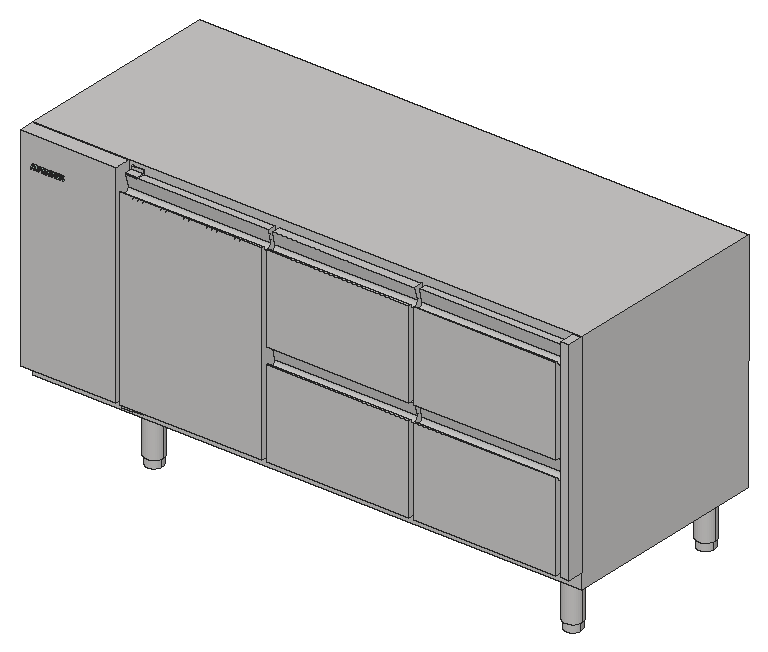
Revit family "QF_ALPENINOX_721060_AK3R7ABB", category Attrezzature speciali, Revit 2018 (continued)
Definition of nested family "HPC_APX_BI_TN_L"
  Lines and regions (mm)
    Split face 120
      outline origin (110, -951.3, 50) x (1, 0, 0) y (0, 1, 0)
        loop
          arc (-176.464, 599.474) -> (-172.464, 603.474) -> (-176.464, 607.474) r 4
          line (-176.464, 607.474) -> (-218.464, 607.474)
    Split face 121
      outline origin (220, -951.3, 50) x (1, 0, 0) y (0, 1, 0)
        loop
          arc (-273.464, 607.474) -> (-277.464, 603.474) -> (-273.464, 599.474) r 4
          line (-273.464, 599.474) -> (-231.464, 599.474)
          arc (-231.464, 599.474) -> (-227.464, 603.474) -> (-231.464, 607.474) r 4
          line (-231.464, 607.474) -> (-273.464, 607.474)
    Split face 122
      outline origin (0, -975.3, 50) x (1, 0, 0) y (0, 1, 0)
        loop
          arc (-163.464, 619.474) -> (-167.464, 615.474) -> (-163.464, 611.474) r 4
          line (-163.464, 611.474) -> (-121.464, 611.474)
          arc (-121.464, 611.474) -> (-117.464, 615.474) -> (-121.464, 619.474) r 4
          line (-121.464, 619.474) -> (-163.464, 619.474)
    Split face 123
      outline origin (330, -975.3, 50) x (1, 0, 0) y (0, 1, 0)
        loop
          arc (-328.464, 619.474) -> (-332.464, 615.474) -> (-328.464, 611.474) r 4
          line (-328.464, 611.474) -> (-286.464, 611.474)
          arc (-286.464, 611.474) -> (-282.464, 615.474) -> (-286.464, 619.474) r 4
          line (-286.464, 619.474) -> (-328.464, 619.474)
    Split face 124
      outline origin (110, -975.3, 50) x (1, 0, 0) y (0, 1, 0)
        loop
          arc (-218.464, 619.474) -> (-222.464, 615.474) -> (-218.464, 611.474) r 4
          line (-218.464, 611.474) -> (-176.464, 611.474)
          arc (-176.464, 611.474) -> (-172.464, 615.474) -> (-176.464, 619.474) r 4
          line (-176.464, 619.474) -> (-218.464, 619.474)
    Split face 125
      outline origin (220, -975.3, 50) x (1, 0, 0) y (0, 1, 0)
        loop
          arc (-273.464, 619.474) -> (-277.464, 615.474) -> (-273.464, 611.474) r 4
          line (-273.464, 611.474) -> (-231.464, 611.474)
          arc (-231.464, 611.474) -> (-227.464, 615.474) -> (-231.464, 619.474) r 4
          line (-231.464, 619.474) -> (-273.464, 619.474)
    Split face 126
      outline origin (0, -999.3, 50) x (1, 0, 0) y (0, 1, 0)
        loop
          arc (-163.464, 631.474) -> (-167.464, 627.474) -> (-163.464, 623.474) r 4
          line (-163.464, 623.474) -> (-121.464, 623.474)
          arc (-121.464, 623.474) -> (-117.464, 627.474) -> (-121.464, 631.474) r 4
          line (-121.464, 631.474) -> (-163.464, 631.474)
    Split face 127
      outline origin (330, -999.3, 50) x (1, 0, 0) y (0, 1, 0)
        loop
          arc (-328.464, 631.474) -> (-332.464, 627.474) -> (-328.464, 623.474) r 4
          line (-328.464, 623.474) -> (-286.464, 623.474)
          arc (-286.464, 623.474) -> (-282.464, 627.474) -> (-286.464, 631.474) r 4
          line (-286.464, 631.474) -> (-328.464, 631.474)
    Split face 128
      outline origin (110, -999.3, 50) x (1, 0, 0) y (0, 1, 0)
        loop
          arc (-218.464, 631.474) -> (-222.464, 627.474) -> (-218.464, 623.474) r 4
          line (-218.464, 623.474) -> (-176.464, 623.474)
          arc (-176.464, 623.474) -> (-172.464, 627.474) -> (-176.464, 631.474) r 4
          line (-176.464, 631.474) -> (-218.464, 631.474)
    Split face 129
      outline origin (220, -999.3, 50) x (1, 0, 0) y (0, 1, 0)
        loop
          arc (-273.464, 631.474) -> (-277.464, 627.474) -> (-273.464, 623.474) r 4
          line (-273.464, 623.474) -> (-231.464, 623.474)
          arc (-231.464, 623.474) -> (-227.464, 627.474) -> (-231.464, 631.474) r 4
          line (-231.464, 631.474) -> (-273.464, 631.474)
    Split face 130
      outline origin (0, -1023.3, 50) x (1, 0, 0) y (0, 1, 0)
        loop
          arc (-163.464, 643.474) -> (-167.464, 639.474) -> (-163.464, 635.474) r 4
          line (-163.464, 635.474) -> (-121.464, 635.474)
          arc (-121.464, 635.474) -> (-117.464, 639.474) -> (-121.464, 643.474) r 4
          line (-121.464, 643.474) -> (-163.464, 643.474)
    Split face 131
      outline origin (330, -1023.3, 50) x (1, 0, 0) y (0, 1, 0)
        loop
          arc (-328.464, 643.474) -> (-332.464, 639.474) -> (-328.464, 635.474) r 4
          line (-328.464, 635.474) -> (-286.464, 635.474)
          arc (-286.464, 635.474) -> (-282.464, 639.474) -> (-286.464, 643.474) r 4
          line (-286.464, 643.474) -> (-328.464, 643.474)
    Split face 132
      outline origin (110, -1023.3, 50) x (1, 0, 0) y (0, 1, 0)
        loop
          arc (-218.464, 643.474) -> (-222.464, 639.474) -> (-218.464, 635.474) r 4
          line (-218.464, 635.474) -> (-176.464, 635.474)
          arc (-176.464, 635.474) -> (-172.464, 639.474) -> (-176.464, 643.474) r 4
          line (-176.464, 643.474) -> (-218.464, 643.474)
    Split face 133
      outline origin (220, -1023.3, 50) x (1, 0, 0) y (0, 1, 0)
        loop
          arc (-273.464, 643.474) -> (-277.464, 639.474) -> (-273.464, 635.474) r 4
          line (-273.464, 635.474) -> (-231.464, 635.474)
          arc (-231.464, 635.474) -> (-227.464, 639.474) -> (-231.464, 643.474) r 4
          line (-231.464, 643.474) -> (-273.464, 643.474)
    symbolic lines
      curve 1: line (87.08, -74, 50) -> (87.08, -74, 0)
  Dimensions and locks
    equal spacing: plane 6, plane 1 "Center (Front/Back)", plane 7
    equal spacing: plane 4, plane 3 "Center (Left/Right)", plane 5
    aligned and locked: plane 2 to Extrusion 1
    aligned and locked: level to Extrusion 1
  Automatic sketch dimensions
    Split face 5 sketch curve to Split face 5 sketch curve = 42 mm
    Split face 5 sketch curve to Split face 5 sketch curve = 4 mm
    Split face 6 sketch curve to Split face 6 sketch curve = 42 mm
    Split face 6 sketch curve to Split face 6 sketch curve = 4 mm
    Split face 7 sketch curve to Split face 7 sketch curve = 42 mm
    Split face 7 sketch curve to Split face 7 sketch curve = 4 mm
    Split face 8 sketch curve to Split face 8 sketch curve = 42 mm
    Split face 8 sketch curve to Split face 8 sketch curve = 4 mm
    Split face 9 sketch curve to Split face 9 sketch curve = 42 mm
    Split face 9 sketch curve to Split face 9 sketch curve = 4 mm
    Split face 10 sketch curve to Split face 10 sketch curve = 42 mm
    Split face 10 sketch curve to Split face 10 sketch curve = 4 mm
    Split face 11 sketch curve to Split face 11 sketch curve = 42 mm
    Split face 11 sketch curve to Split face 11 sketch curve = 4 mm
    Split face 12 sketch curve to Split face 12 sketch curve = 42 mm
    Split face 12 sketch curve to Split face 12 sketch curve = 4 mm
    Split face 13 sketch curve to Split face 13 sketch curve = 42 mm
    Split face 13 sketch curve to Split face 13 sketch curve = 4 mm
    Split face 14 sketch curve to Split face 14 sketch curve = 42 mm
    Split face 14 sketch curve to Split face 14 sketch curve = 4 mm
    Split face 15 sketch curve to Split face 15 sketch curve = 42 mm
    Split face 15 sketch curve to Split face 15 sketch curve = 4 mm
    Split face 16 sketch curve to Split face 16 sketch curve = 42 mm
    Split face 16 sketch curve to Split face 16 sketch curve = 4 mm
    Split face 17 sketch curve to Split face 17 sketch curve = 42 mm
    Split face 17 sketch curve to Split face 17 sketch curve = 4 mm
    Split face 18 sketch curve to Split face 18 sketch curve = 42 mm
    Split face 18 sketch curve to Split face 18 sketch curve = 4 mm
    Split face 19 sketch curve to Split face 19 sketch curve = 42 mm
    Split face 19 sketch curve to Split face 19 sketch curve = 4 mm
    Split face 20 sketch curve to Split face 20 sketch curve = 42 mm
    Split face 20 sketch curve to Split face 20 sketch curve = 4 mm
    Split face 21 sketch curve to Split face 21 sketch curve = 42 mm
    Split face 21 sketch curve to Split face 21 sketch curve = 4 mm
    Split face 22 sketch curve to Split face 22 sketch curve = 42 mm
    Split face 22 sketch curve to Split face 22 sketch curve = 4 mm
    Split face 23 sketch curve to Split face 23 sketch curve = 42 mm
    Split face 23 sketch curve to Split face 23 sketch curve = 4 mm
    Split face 24 sketch curve to Split face 24 sketch curve = 42 mm
    Split face 24 sketch curve to Split face 24 sketch curve = 4 mm
    Split face 25 sketch curve to Split face 25 sketch curve = 42 mm
    Split face 25 sketch curve to Split face 25 sketch curve = 4 mm
    Split face 26 sketch curve to Split face 26 sketch curve = 42 mm
    Split face 26 sketch curve to Split face 26 sketch curve = 4 mm
    Split face 27 sketch curve to Split face 27 sketch curve = 42 mm
    Split face 27 sketch curve to Split face 27 sketch curve = 4 mm
    Split face 28 sketch curve to Split face 28 sketch curve = 42 mm
    Split face 28 sketch curve to Split face 28 sketch curve = 4 mm
    Split face 29 sketch curve to Split face 29 sketch curve = 42 mm
    Split face 29 sketch curve to Split face 29 sketch curve = 4 mm
    Split face 30 sketch curve to Split face 30 sketch curve = 42 mm
    Split face 30 sketch curve to Split face 30 sketch curve = 4 mm
    Split face 31 sketch curve to Split face 31 sketch curve = 42 mm
    Split face 31 sketch curve to Split face 31 sketch curve = 4 mm
    Split face 32 sketch curve to Split face 32 sketch curve = 42 mm
    Split face 32 sketch curve to Split face 32 sketch curve = 4 mm
    Split face 33 sketch curve to Split face 33 sketch curve = 42 mm
    Split face 33 sketch curve to Split face 33 sketch curve = 4 mm
    Split face 34 sketch curve to Split face 34 sketch curve = 42 mm
    Split face 34 sketch curve to Split face 34 sketch curve = 4 mm
    Split face 35 sketch curve to Split face 35 sketch curve = 42 mm
    Split face 35 sketch curve to Split face 35 sketch curve = 4 mm
    Split face 36 sketch curve to Split face 36 sketch curve = 42 mm
    Split face 36 sketch curve to Split face 36 sketch curve = 4 mm
    Split face 37 sketch curve to Split face 37 sketch curve = 42 mm
    Split face 37 sketch curve to Split face 37 sketch curve = 4 mm
    Split face 38 sketch curve to Split face 38 sketch curve = 42 mm
    Split face 38 sketch curve to Split face 38 sketch curve = 4 mm
    Split face 39 sketch curve to Split face 39 sketch curve = 42 mm
    Split face 39 sketch curve to Split face 39 sketch curve = 4 mm
    Split face 40 sketch curve to Split face 40 sketch curve = 42 mm
    Split face 40 sketch curve to Split face 40 sketch curve = 4 mm
    Split face 41 sketch curve to Split face 41 sketch curve = 42 mm
    Split face 41 sketch curve to Split face 41 sketch curve = 4 mm
    Split face 42 sketch curve to Split face 42 sketch curve = 42 mm
    Split face 42 sketch curve to Split face 42 sketch curve = 4 mm
    Split face 43 sketch curve to Split face 43 sketch curve = 42 mm
    Split face 43 sketch curve to Split face 43 sketch curve = 4 mm
    Split face 44 sketch curve to Split face 44 sketch curve = 42 mm
    Split face 44 sketch curve to Split face 44 sketch curve = 4 mm
    Split face 45 sketch curve to Split face 45 sketch curve = 42 mm
    Split face 45 sketch curve to Split face 45 sketch curve = 4 mm
    Split face 46 sketch curve to Split face 46 sketch curve = 42 mm
    Split face 46 sketch curve to Split face 46 sketch curve = 4 mm
    Split face 47 sketch curve to Split face 47 sketch curve = 42 mm
    Split face 47 sketch curve to Split face 47 sketch curve = 4 mm
    Split face 48 sketch curve to Split face 48 sketch curve = 42 mm
    Split face 48 sketch curve to Split face 48 sketch curve = 4 mm
    Split face 49 sketch curve to Split face 49 sketch curve = 42 mm
    Split face 49 sketch curve to Split face 49 sketch curve = 4 mm
    Split face 50 sketch curve to Split face 50 sketch curve = 42 mm
    Split face 50 sketch curve to Split face 50 sketch curve = 4 mm
    Split face 51 sketch curve to Split face 51 sketch curve = 42 mm
    Split face 51 sketch curve to Split face 51 sketch curve = 4 mm
    Split face 52 sketch curve to Split face 52 sketch curve = 42 mm
    Split face 52 sketch curve to Split face 52 sketch curve = 4 mm
    Split face 53 sketch curve to Split face 53 sketch curve = 42 mm
    Split face 53 sketch curve to Split face 53 sketch curve = 4 mm
    Split face 54 sketch curve to Split face 54 sketch curve = 42 mm
    Split face 54 sketch curve to Split face 54 sketch curve = 4 mm
    Split face 55 sketch curve to Split face 55 sketch curve = 42 mm
    Split face 55 sketch curve to Split face 55 sketch curve = 4 mm
    Split face 56 sketch curve to Split face 56 sketch curve = 42 mm
    Split face 56 sketch curve to Split face 56 sketch curve = 4 mm
    Split face 57 sketch curve to Split face 57 sketch curve = 42 mm
    Split face 57 sketch curve to Split face 57 sketch curve = 4 mm
    Split face 58 sketch curve to Split face 58 sketch curve = 42 mm
    Split face 58 sketch curve to Split face 58 sketch curve = 4 mm
    Split face 59 sketch curve to Split face 59 sketch curve = 42 mm
    Split face 59 sketch curve to Split face 59 sketch curve = 4 mm
    Split face 60 sketch curve to Split face 60 sketch curve = 42 mm
    Split face 60 sketch curve to Split face 60 sketch curve = 4 mm
    Split face 61 sketch curve to Split face 61 sketch curve = 42 mm
    Split face 61 sketch curve to Split face 61 sketch curve = 4 mm
    Split face 62 sketch curve to Split face 62 sketch curve = 42 mm
    Split face 62 sketch curve to Split face 62 sketch curve = 4 mm
    Split face 63 sketch curve to Split face 63 sketch curve = 42 mm
    Split face 63 sketch curve to Split face 63 sketch curve = 4 mm
    Split face 64 sketch curve to Split face 64 sketch curve = 42 mm
    Split face 64 sketch curve to Split face 64 sketch curve = 4 mm
    Split face 65 sketch curve to Split face 65 sketch curve = 42 mm
    Split face 65 sketch curve to Split face 65 sketch curve = 4 mm
    Split face 66 sketch curve to Split face 66 sketch curve = 42 mm
    Split face 66 sketch curve to Split face 66 sketch curve = 4 mm
    Split face 67 sketch curve to Split face 67 sketch curve = 42 mm
    Split face 67 sketch curve to Split face 67 sketch curve = 4 mm
    Split face 68 sketch curve to Split face 68 sketch curve = 42 mm
    Split face 68 sketch curve to Split face 68 sketch curve = 4 mm
    Split face 70 sketch curve to Split face 70 sketch curve = 42 mm
    Split face 70 sketch curve to Split face 70 sketch curve = 4 mm
    Split face 71 sketch curve to Split face 71 sketch curve = 42 mm
    Split face 71 sketch curve to Split face 71 sketch curve = 4 mm
    Split face 72 sketch curve to Split face 72 sketch curve = 42 mm
    Split face 72 sketch curve to Split face 72 sketch curve = 4 mm
    Split face 73 sketch curve to Split face 73 sketch curve = 42 mm
    Split face 73 sketch curve to Split face 73 sketch curve = 4 mm
    Split face 74 sketch curve to Split face 74 sketch curve = 42 mm
    Split face 74 sketch curve to Split face 74 sketch curve = 4 mm
    Split face 75 sketch curve to Split face 75 sketch curve = 42 mm
    Split face 75 sketch curve to Split face 75 sketch curve = 4 mm
    Split face 76 sketch curve to Split face 76 sketch curve = 42 mm
    Split face 76 sketch curve to Split face 76 sketch curve = 4 mm
    Split face 77 sketch curve to Split face 77 sketch curve = 42 mm
    Split face 77 sketch curve to Split face 77 sketch curve = 4 mm
    Split face 78 sketch curve to Split face 78 sketch curve = 42 mm
    Split face 78 sketch curve to Split face 78 sketch curve = 4 mm
    Split face 79 sketch curve to Split face 79 sketch curve = 42 mm
    Split face 79 sketch curve to Split face 79 sketch curve = 4 mm
    Split face 80 sketch curve to Split face 80 sketch curve = 42 mm
    Split face 80 sketch curve to Split face 80 sketch curve = 4 mm
    Split face 81 sketch curve to Split face 81 sketch curve = 42 mm
    Split face 81 sketch curve to Split face 81 sketch curve = 4 mm
    Split face 82 sketch curve to Split face 82 sketch curve = 42 mm
    Split face 82 sketch curve to Split face 82 sketch curve = 4 mm
    Split face 83 sketch curve to Split face 83 sketch curve = 42 mm
    Split face 83 sketch curve to Split face 83 sketch curve = 4 mm
    Split face 84 sketch curve to Split face 84 sketch curve = 42 mm
    Split face 84 sketch curve to Split face 84 sketch curve = 4 mm
    Split face 85 sketch curve to Split face 85 sketch curve = 42 mm
    Split face 85 sketch curve to Split face 85 sketch curve = 4 mm
    Split face 86 sketch curve to Split face 86 sketch curve = 42 mm
    Split face 86 sketch curve to Split face 86 sketch curve = 4 mm
    Split face 87 sketch curve to Split face 87 sketch curve = 42 mm
    Split face 87 sketch curve to Split face 87 sketch curve = 4 mm
    Split face 88 sketch curve to Split face 88 sketch curve = 42 mm
    Split face 88 sketch curve to Split face 88 sketch curve = 4 mm
    Split face 89 sketch curve to Split face 89 sketch curve = 42 mm
    Split face 89 sketch curve to Split face 89 sketch curve = 4 mm
    Split face 90 sketch curve to Split face 90 sketch curve = 42 mm
    Split face 90 sketch curve to Split face 90 sketch curve = 4 mm
    Split face 91 sketch curve to Split face 91 sketch curve = 42 mm
    Split face 91 sketch curve to Split face 91 sketch curve = 4 mm
    Split face 92 sketch curve to Split face 92 sketch curve = 42 mm
    Split face 92 sketch curve to Split face 92 sketch curve = 4 mm
    Split face 93 sketch curve to Split face 93 sketch curve = 42 mm
    Split face 93 sketch curve to Split face 93 sketch curve = 4 mm
    Split face 94 sketch curve to Split face 94 sketch curve = 42 mm
    Split face 94 sketch curve to Split face 94 sketch curve = 4 mm
    Split face 95 sketch curve to Split face 95 sketch curve = 42 mm
    Split face 95 sketch curve to Split face 95 sketch curve = 4 mm
    Split face 96 sketch curve to Split face 96 sketch curve = 42 mm
    Split face 96 sketch curve to Split face 96 sketch curve = 4 mm
    Split face 97 sketch curve to Split face 97 sketch curve = 42 mm
    Split face 97 sketch curve to Split face 97 sketch curve = 4 mm
    Split face 98 sketch curve to Split face 98 sketch curve = 42 mm
    Split face 98 sketch curve to Split face 98 sketch curve = 4 mm
    Split face 99 sketch curve to Split face 99 sketch curve = 42 mm
    Split face 99 sketch curve to Split face 99 sketch curve = 4 mm
    Split face 100 sketch curve to Split face 100 sketch curve = 42 mm
    Split face 100 sketch curve to Split face 100 sketch curve = 4 mm
    Split face 101 sketch curve to Split face 101 sketch curve = 42 mm
    Split face 101 sketch curve to Split face 101 sketch curve = 4 mm
    Split face 102 sketch curve to Split face 102 sketch curve = 42 mm
    Split face 102 sketch curve to Split face 102 sketch curve = 4 mm
    Split face 103 sketch curve to Split face 103 sketch curve = 42 mm
    Split face 103 sketch curve to Split face 103 sketch curve = 4 mm
    Split face 104 sketch curve to Split face 104 sketch curve = 42 mm
    Split face 104 sketch curve to Split face 104 sketch curve = 4 mm
    Split face 105 sketch curve to Split face 105 sketch curve = 42 mm
    Split face 105 sketch curve to Split face 105 sketch curve = 4 mm
    Split face 106 sketch curve to Split face 106 sketch curve = 42 mm
    Split face 106 sketch curve to Split face 106 sketch curve = 4 mm
    Split face 107 sketch curve to Split face 107 sketch curve = 42 mm
    Split face 107 sketch curve to Split face 107 sketch curve = 4 mm
    Split face 108 sketch curve to Split face 108 sketch curve = 42 mm
    Split face 108 sketch curve to Split face 108 sketch curve = 4 mm
    Split face 109 sketch curve to Split face 109 sketch curve = 42 mm
    Split face 109 sketch curve to Split face 109 sketch curve = 4 mm
    Split face 110 sketch curve to Split face 110 sketch curve = 42 mm
    Split face 110 sketch curve to Split face 110 sketch curve = 4 mm
    Split face 111 sketch curve to Split face 111 sketch curve = 42 mm
    Split face 111 sketch curve to Split face 111 sketch curve = 4 mm
    Split face 112 sketch curve to Split face 112 sketch curve = 42 mm
    Split face 112 sketch curve to Split face 112 sketch curve = 4 mm
    Split face 113 sketch curve to Split face 113 sketch curve = 42 mm
    Split face 113 sketch curve to Split face 113 sketch curve = 4 mm
    Split face 114 sketch curve to Split face 114 sketch curve = 42 mm
    Split face 114 sketch curve to Split face 114 sketch curve = 4 mm
    Split face 115 sketch curve to Split face 115 sketch curve = 42 mm
    Split face 115 sketch curve to Split face 115 sketch curve = 4 mm
    Split face 116 sketch curve to Split face 116 sketch curve = 42 mm
    Split face 116 sketch curve to Split face 116 sketch curve = 4 mm
    Split face 117 sketch curve to Split face 117 sketch curve = 42 mm
    Split face 117 sketch curve to Split face 117 sketch curve = 4 mm
    Split face 118 sketch curve to Split face 118 sketch curve = 42 mm
    Split face 118 sketch curve to Split face 118 sketch curve = 4 mm
    Split face 119 sketch curve to Split face 119 sketch curve = 42 mm
    Split face 119 sketch curve to Split face 119 sketch curve = 4 mm
    Split face 120 sketch curve to Split face 120 sketch curve = 42 mm
    Split face 120 sketch curve to Split face 120 sketch curve = 4 mm
    Split face 121 sketch curve to Split face 121 sketch curve = 42 mm
    Split face 121 sketch curve to Split face 121 sketch curve = 4 mm
    Split face 122 sketch curve to Split face 122 sketch curve = 42 mm
    Split face 122 sketch curve to Split face 122 sketch curve = 4 mm
    Split face 123 sketch curve to Split face 123 sketch curve = 42 mm
    Split face 123 sketch curve to Split face 123 sketch curve = 4 mm
    Split face 124 sketch curve to Split face 124 sketch curve = 42 mm
    Split face 124 sketch curve to Split face 124 sketch curve = 4 mm
    Split face 125 sketch curve to Split face 125 sketch curve = 42 mm
    Split face 125 sketch curve to Split face 125 sketch curve = 4 mm
    Split face 126 sketch curve to Split face 126 sketch curve = 42 mm
    Split face 126 sketch curve to Split face 126 sketch curve = 4 mm
    Split face 127 sketch curve to Split face 127 sketch curve = 42 mm
    Split face 127 sketch curve to Split face 127 sketch curve = 4 mm
    Split face 128 sketch curve to Split face 128 sketch curve = 42 mm
    Split face 128 sketch curve to Split face 128 sketch curve = 4 mm
    Split face 129 sketch curve to Split face 129 sketch curve = 42 mm
    Split face 129 sketch curve to Split face 129 sketch curve = 4 mm
    Split face 130 sketch curve to Split face 130 sketch curve = 42 mm
    Split face 130 sketch curve to Split face 130 sketch curve = 4 mm
    Split face 131 sketch curve to Split face 131 sketch curve = 42 mm
    Split face 131 sketch curve to Split face 131 sketch curve = 4 mm
    Split face 132 sketch curve to Split face 132 sketch curve = 42 mm
    Split face 132 sketch curve to Split face 132 sketch curve = 4 mm
    Split face 133 sketch curve to Split face 133 sketch curve = 42 mm
    Split face 133 sketch curve to Split face 133 sketch curve = 4 mm
    Extrusion 1 sketch curve to Extrusion 1 sketch curve = 2438.4 mm  (x2)
    Extrusion 2 sketch curve to plane 4 = 0 mm
    Extrusion 2 sketch curve to plane 5 = 0 mm
    Extrusion 2 sketch curve to plane 7 = 0 mm
    Extrusion 2 sketch curve to plane 6 = 0 mm
    Split face 1 sketch curve to Extrusion 2 = 0 mm  (x2)
    Split face 1 sketch curve to Extrusion 2 = 34 mm
    Split face 1 sketch curve to Extrusion 2 = 104 mm
    Split face 1 sketch curve to Split face 1 sketch curve = 17.5 mm
    Split face 2 sketch curve to Extrusion 2 = 130.5 mm
    Split face 2 sketch curve to Extrusion 2 = 60.5 mm
    Split face 2 sketch curve to Extrusion 2 = 98 mm
    Split face 2 sketch curve to Split face 2 sketch curve = 23 mm
    Split face 3 sketch curve to Extrusion 2 = 80.5 mm
    Split face 3 sketch curve to Split face 3 sketch curve = 17 mm  (x2)
    Split face 3 sketch curve to Extrusion 2 = 95 mm
    plane 4 to Extrusion 3 sketch curve = 34.51 mm
    Extrusion 3 sketch curve to Extrusion 3 sketch curve = 1.266 mm
    Extrusion 3 sketch curve to Extrusion 3 sketch curve = 1.307 mm
    Extrusion 3 sketch curve to Extrusion 3 sketch curve = 0.57 mm
    Extrusion 3 sketch curve to Extrusion 3 sketch curve = 0.593 mm
    Extrusion 3 sketch curve to Extrusion 3 sketch curve = 0.799 mm
    Extrusion 3 sketch curve to Extrusion 3 sketch curve = 1.99 mm  (x2)
    Extrusion 3 sketch curve to Extrusion 3 sketch curve = 0.003 mm
    Extrusion 3 sketch curve to Extrusion 3 sketch curve = 3.534 mm
    Extrusion 3 sketch curve to Extrusion 3 sketch curve = 0.835 mm
    Extrusion 3 sketch curve to Extrusion 3 sketch curve = 0.56 mm
    Extrusion 3 sketch curve to Extrusion 3 sketch curve = 1.268 mm
    Extrusion 3 sketch curve to Extrusion 3 sketch curve = 1.223 mm
    Extrusion 3 sketch curve to Extrusion 3 sketch curve = 1.344 mm
    Extrusion 3 sketch curve to Extrusion 3 sketch curve = 1.394 mm  (x2)
    Extrusion 3 sketch curve to Extrusion 3 sketch curve = 1.512 mm
    Extrusion 3 sketch curve to Extrusion 3 sketch curve = 3.309 mm
    Extrusion 3 sketch curve to Extrusion 3 sketch curve = 5.841 mm
    Extrusion 3 sketch curve to Extrusion 3 sketch curve = 1.393 mm
    Extrusion 3 sketch curve to Extrusion 3 sketch curve = 1.439 mm
    Extrusion 3 sketch curve to Extrusion 3 sketch curve = 0 mm  (x19)
    Extrusion 3 sketch curve to Extrusion 3 sketch curve = 1.902 mm
    Extrusion 3 sketch curve to Extrusion 3 sketch curve = 0.052 mm
    Extrusion 3 sketch curve to Extrusion 3 sketch curve = 2.065 mm
    Extrusion 3 sketch curve to Extrusion 3 sketch curve = 0.647 mm
    Extrusion 3 sketch curve to Extrusion 3 sketch curve = 8.079 mm
    Extrusion 3 sketch curve to Extrusion 3 sketch curve = 0.073 mm
    Extrusion 3 sketch curve to Extrusion 3 sketch curve = 2.145 mm
    Extrusion 3 sketch curve to Extrusion 3 sketch curve = 2.931 mm
    Extrusion 3 sketch curve to Extrusion 3 sketch curve = 0.213 mm
    Extrusion 3 sketch curve to Extrusion 3 sketch curve = 0.026 mm
    Extrusion 3 sketch curve to Extrusion 3 sketch curve = 0.263 mm
    Extrusion 3 sketch curve to Extrusion 3 sketch curve = 0.516 mm
    Extrusion 3 sketch curve to Extrusion 3 sketch curve = 0.356 mm
    Extrusion 3 sketch curve to Extrusion 3 sketch curve = 0.387 mm
    Extrusion 3 sketch curve to Extrusion 3 sketch curve = 2.378 mm
    Extrusion 3 sketch curve to Extrusion 3 sketch curve = 2.466 mm
    Extrusion 3 sketch curve to Extrusion 3 sketch curve = 0.602 mm
    Extrusion 3 sketch curve to Extrusion 3 sketch curve = 1.02 mm
    Extrusion 3 sketch curve to Extrusion 3 sketch curve = 0.949 mm
    Extrusion 3 sketch curve to Extrusion 3 sketch curve = 1.728 mm
    Extrusion 3 sketch curve to Extrusion 3 sketch curve = 0.157 mm  (x2)
    Extrusion 3 sketch curve to Extrusion 3 sketch curve = 0.292 mm
    Extrusion 3 sketch curve to Extrusion 3 sketch curve = 3.565 mm
    Extrusion 3 sketch curve to Extrusion 3 sketch curve = 1.396 mm  (x2)
    Extrusion 3 sketch curve to Extrusion 3 sketch curve = 1.418 mm  (x2)
    Extrusion 3 sketch curve to Extrusion 3 sketch curve = 1.151 mm  (x2)
    Extrusion 3 sketch curve to Extrusion 3 sketch curve = 5.709 mm  (x2)
    Extrusion 3 sketch curve to Extrusion 3 sketch curve = 0.224 mm  (x2)
    Extrusion 3 sketch curve to Extrusion 3 sketch curve = 1.149 mm  (x2)
    Extrusion 3 sketch curve to Extrusion 3 sketch curve = 1.395 mm  (x2)
    Extrusion 3 sketch curve to Extrusion 3 sketch curve = 1.744 mm
    Extrusion 3 sketch curve to Extrusion 3 sketch curve = 1.745 mm
    Extrusion 3 sketch curve to Extrusion 3 sketch curve = 6.963 mm
    Extrusion 3 sketch curve to Extrusion 3 sketch curve = 0.493 mm  (x3)
    Extrusion 3 sketch curve to Extrusion 3 sketch curve = 0.273 mm  (x2)
    Extrusion 3 sketch curve to Extrusion 3 sketch curve = 0.021 mm  (x2)
    Extrusion 3 sketch curve to Extrusion 3 sketch curve = 0.226 mm  (x2)
    Extrusion 3 sketch curve to Extrusion 3 sketch curve = 0.268 mm  (x2)
    Extrusion 3 sketch curve to Extrusion 3 sketch curve = 0.294 mm
    Extrusion 3 sketch curve to Extrusion 3 sketch curve = 5.238 mm
    Extrusion 3 sketch curve to Extrusion 3 sketch curve = 5.908 mm
    Extrusion 3 sketch curve to Extrusion 3 sketch curve = 1.109 mm  (x2)
    Extrusion 3 sketch curve to Extrusion 3 sketch curve = 1.108 mm  (x2)
    Extrusion 3 sketch curve to Extrusion 3 sketch curve = 1.142 mm  (x2)
    Extrusion 3 sketch curve to Extrusion 3 sketch curve = 1.216 mm  (x2)
    Extrusion 3 sketch curve to Extrusion 3 sketch curve = 3.013 mm
    Extrusion 3 sketch curve to Extrusion 3 sketch curve = 1.616 mm  (x3)
    Extrusion 3 sketch curve to Extrusion 3 sketch curve = 2.305 mm
    Extrusion 3 sketch curve to Extrusion 3 sketch curve = 3.049 mm
    Extrusion 3 sketch curve to plane 6 = 93.469 mm
    Extrusion 3 sketch curve to Extrusion 3 sketch curve = 0.498 mm
    Extrusion 3 sketch curve to Extrusion 3 sketch curve = 0.682 mm
    Extrusion 3 sketch curve to Extrusion 3 sketch curve = 0.664 mm
    Extrusion 3 sketch curve to Extrusion 3 sketch curve = 0.425 mm
    Extrusion 3 sketch curve to Extrusion 3 sketch curve = 0.41 mm
    Extrusion 3 sketch curve to Extrusion 3 sketch curve = 1.272 mm
    Extrusion 3 sketch curve to Extrusion 3 sketch curve = 0.789 mm  (x2)
    Extrusion 3 sketch curve to Extrusion 3 sketch curve = 0.056 mm
    Extrusion 3 sketch curve to Extrusion 3 sketch curve = 0.83 mm
    Extrusion 3 sketch curve to Extrusion 3 sketch curve = 1.238 mm
    Extrusion 3 sketch curve to Extrusion 3 sketch curve = 1.732 mm
    Extrusion 3 sketch curve to Extrusion 3 sketch curve = 0.346 mm
    Extrusion 3 sketch curve to Extrusion 3 sketch curve = 1.123 mm
    Extrusion 3 sketch curve to Extrusion 3 sketch curve = 3.023 mm
    Extrusion 3 sketch curve to Extrusion 3 sketch curve = 4.203 mm
    Extrusion 3 sketch curve to Extrusion 3 sketch curve = 3.452 mm  (x2)
    Extrusion 3 sketch curve to Extrusion 3 sketch curve = 2.544 mm
    Extrusion 3 sketch curve to Extrusion 3 sketch curve = 1.177 mm
    Extrusion 3 sketch curve to Extrusion 3 sketch curve = 3.261 mm
    Extrusion 3 sketch curve to Extrusion 3 sketch curve = 0.352 mm  (x2)
    Extrusion 3 sketch curve to Extrusion 3 sketch curve = 1.987 mm
    Extrusion 3 sketch curve to Extrusion 3 sketch curve = 0.171 mm
    Extrusion 3 sketch curve to Extrusion 3 sketch curve = 0.533 mm  (x3)
    Extrusion 3 sketch curve to Extrusion 3 sketch curve = 0.14 mm  (x4)
    Extrusion 3 sketch curve to Extrusion 3 sketch curve = 0.473 mm
    Extrusion 3 sketch curve to Extrusion 3 sketch curve = 0.31 mm  (x2)
    Extrusion 3 sketch curve to Extrusion 3 sketch curve = 0.075 mm
    Extrusion 3 sketch curve to Extrusion 3 sketch curve = 2.431 mm
    Extrusion 3 sketch curve to Extrusion 3 sketch curve = 2.32 mm  (x2)
    Extrusion 3 sketch curve to Extrusion 3 sketch curve = 1.992 mm
    Extrusion 3 sketch curve to Extrusion 3 sketch curve = 0.674 mm
    Extrusion 3 sketch curve to Extrusion 3 sketch curve = 0.732 mm
    Extrusion 3 sketch curve to Extrusion 3 sketch curve = 0.388 mm
    Extrusion 3 sketch curve to Extrusion 3 sketch curve = 0.121 mm
    Extrusion 3 sketch curve to Extrusion 3 sketch curve = 2.589 mm
    Extrusion 3 sketch curve to Extrusion 3 sketch curve = 0.662 mm
    Extrusion 3 sketch curve to Extrusion 3 sketch curve = 3.473 mm
    Extrusion 3 sketch curve to Extrusion 3 sketch curve = 0.681 mm
    Extrusion 3 sketch curve to Extrusion 3 sketch curve = 1.615 mm
    Extrusion 3 sketch curve to Extrusion 3 sketch curve = 0.34 mm
    Extrusion 3 sketch curve to Extrusion 3 sketch curve = 2.288 mm
    Extrusion 3 sketch curve to Extrusion 3 sketch curve = 0.942 mm
    Extrusion 3 sketch curve to Extrusion 3 sketch curve = 5.4 mm
    Extrusion 3 sketch curve to Extrusion 3 sketch curve = 1.768 mm  (x2)
    Extrusion 3 sketch curve to Extrusion 3 sketch curve = 0.761 mm
    Extrusion 3 sketch curve to Extrusion 3 sketch curve = 0.996 mm
    Extrusion 3 sketch curve to Extrusion 3 sketch curve = 3.543 mm  (x2)
    Extrusion 3 sketch curve to Extrusion 3 sketch curve = 7.017 mm
    Extrusion 3 sketch curve to Extrusion 3 sketch curve = 0.11 mm
    Extrusion 3 sketch curve to Extrusion 3 sketch curve = 0.823 mm  (x2)
    Extrusion 3 sketch curve to Extrusion 3 sketch curve = 0.947 mm
    Extrusion 3 sketch curve to Extrusion 3 sketch curve = 3.837 mm
    Extrusion 3 sketch curve to Extrusion 3 sketch curve = 0.623 mm
    Extrusion 3 sketch curve to Extrusion 3 sketch curve = 1.082 mm
    Extrusion 3 sketch curve to Extrusion 3 sketch curve = 0.801 mm
    Extrusion 3 sketch curve to Extrusion 3 sketch curve = 1 mm
    Extrusion 3 sketch curve to Extrusion 3 sketch curve = 0.089 mm
    Extrusion 3 sketch curve to Extrusion 3 sketch curve = 4.257 mm
    Extrusion 3 sketch curve to Extrusion 3 sketch curve = 4.345 mm  (x2)
    Extrusion 3 sketch curve to Extrusion 3 sketch curve = 2.576 mm
    Extrusion 3 sketch curve to Extrusion 3 sketch curve = 1.385 mm  (x4)
    Extrusion 3 sketch curve to Extrusion 3 sketch curve = 2.133 mm  (x4)
    Extrusion 3 sketch curve to Extrusion 3 sketch curve = 3.518 mm
    Extrusion 3 sketch curve to Extrusion 3 sketch curve = 5.603 mm
    Extrusion 3 sketch curve to Extrusion 3 sketch curve = 2.571 mm
    Split face 4 sketch curve to Extrusion 2 = 0 mm  (x2)
    Split face 4 sketch curve to Extrusion 2 = 64 mm
    Split face 69 sketch curve to Extrusion 2 = 0 mm  (x2)
    Split face 69 sketch curve to Extrusion 2 = 109 mm
    Split face 5 sketch curve to Extrusion 2 = 43.456 mm
    Split face 5 sketch curve to Extrusion 2 = 128.176 mm
    Split face 6 sketch curve to Extrusion 2 = 85.544 mm
    Split face 6 sketch curve to Extrusion 2 = 128.176 mm
    Split face 7 sketch curve to Extrusion 2 = 98.456 mm
    Split face 7 sketch curve to Extrusion 2 = 128.176 mm
    Split face 8 sketch curve to Extrusion 2 = 140.544 mm
    Split face 8 sketch curve to Extrusion 2 = 128.176 mm
    Split face 9 sketch curve to Extrusion 2 = 43.456 mm
    Split face 9 sketch curve to Extrusion 2 = 140.176 mm
    Split face 10 sketch curve to Extrusion 2 = 85.544 mm
    Split face 10 sketch curve to Extrusion 2 = 140.176 mm
    Split face 11 sketch curve to Extrusion 2 = 98.456 mm
    Split face 11 sketch curve to Extrusion 2 = 140.176 mm
    Split face 12 sketch curve to Extrusion 2 = 140.544 mm
    Split face 12 sketch curve to Extrusion 2 = 140.176 mm
    Split face 13 sketch curve to Extrusion 2 = 43.456 mm
    Split face 13 sketch curve to Extrusion 2 = 152.176 mm
    Split face 14 sketch curve to Extrusion 2 = 85.544 mm
    Split face 14 sketch curve to Extrusion 2 = 152.176 mm
    Split face 15 sketch curve to Extrusion 2 = 98.456 mm
    Split face 15 sketch curve to Extrusion 2 = 152.176 mm
    Split face 16 sketch curve to Extrusion 2 = 140.544 mm
    Split face 16 sketch curve to Extrusion 2 = 152.176 mm
    Split face 17 sketch curve to Extrusion 2 = 43.456 mm
    Split face 17 sketch curve to Extrusion 2 = 164.176 mm
    Split face 18 sketch curve to Extrusion 2 = 85.544 mm
    Split face 18 sketch curve to Extrusion 2 = 164.176 mm
    Split face 19 sketch curve to Extrusion 2 = 98.456 mm
    Split face 19 sketch curve to Extrusion 2 = 164.176 mm
    Split face 20 sketch curve to Extrusion 2 = 140.544 mm
    Split face 20 sketch curve to Extrusion 2 = 164.176 mm
    Split face 21 sketch curve to Extrusion 2 = 43.456 mm
    Split face 21 sketch curve to Extrusion 2 = 176.176 mm
    Split face 22 sketch curve to Extrusion 2 = 85.544 mm
    Split face 22 sketch curve to Extrusion 2 = 176.176 mm
    Split face 23 sketch curve to Extrusion 2 = 98.456 mm
    Split face 23 sketch curve to Extrusion 2 = 176.176 mm
    Split face 24 sketch curve to Extrusion 2 = 140.544 mm
    Split face 24 sketch curve to Extrusion 2 = 176.176 mm
    Split face 25 sketch curve to Extrusion 2 = 43.456 mm
    Split face 25 sketch curve to Extrusion 2 = 188.176 mm
    Split face 26 sketch curve to Extrusion 2 = 85.544 mm
    Split face 26 sketch curve to Extrusion 2 = 188.176 mm
    Split face 27 sketch curve to Extrusion 2 = 98.456 mm
    Split face 27 sketch curve to Extrusion 2 = 188.176 mm
    Split face 28 sketch curve to Extrusion 2 = 140.544 mm
    Split face 28 sketch curve to Extrusion 2 = 188.176 mm
    Split face 29 sketch curve to Extrusion 2 = 43.456 mm
    Split face 29 sketch curve to Extrusion 2 = 200.176 mm
    Split face 30 sketch curve to Extrusion 2 = 85.544 mm
    Split face 30 sketch curve to Extrusion 2 = 200.176 mm
    Split face 31 sketch curve to Extrusion 2 = 98.456 mm
    Split face 31 sketch curve to Extrusion 2 = 200.176 mm
    Split face 32 sketch curve to Extrusion 2 = 140.544 mm
    Split face 32 sketch curve to Extrusion 2 = 200.176 mm
    Split face 33 sketch curve to Extrusion 2 = 43.456 mm
    Split face 33 sketch curve to Extrusion 2 = 212.176 mm
    Split face 34 sketch curve to Extrusion 2 = 85.544 mm
    Split face 34 sketch curve to Extrusion 2 = 212.176 mm
    Split face 35 sketch curve to Extrusion 2 = 98.456 mm
    Split face 35 sketch curve to Extrusion 2 = 212.176 mm
    Split face 36 sketch curve to Extrusion 2 = 140.544 mm
    Split face 36 sketch curve to Extrusion 2 = 212.176 mm
    Split face 37 sketch curve to Extrusion 2 = 43.456 mm
    Split face 37 sketch curve to Extrusion 2 = 224.176 mm
    Split face 38 sketch curve to Extrusion 2 = 85.544 mm
    Split face 38 sketch curve to Extrusion 2 = 224.176 mm
    Split face 39 sketch curve to Extrusion 2 = 98.456 mm
    Split face 39 sketch curve to Extrusion 2 = 224.176 mm
    Split face 40 sketch curve to Extrusion 2 = 140.544 mm
    Split face 40 sketch curve to Extrusion 2 = 224.176 mm
    Split face 41 sketch curve to Extrusion 2 = 43.456 mm
    Split face 41 sketch curve to Extrusion 2 = 236.176 mm
    Split face 42 sketch curve to Extrusion 2 = 85.544 mm
    Split face 42 sketch curve to Extrusion 2 = 236.176 mm
    Split face 43 sketch curve to Extrusion 2 = 98.456 mm
    Split face 43 sketch curve to Extrusion 2 = 236.176 mm
    Split face 44 sketch curve to Extrusion 2 = 140.544 mm
    Split face 44 sketch curve to Extrusion 2 = 236.176 mm
    Split face 45 sketch curve to Extrusion 2 = 43.456 mm
    Split face 45 sketch curve to Extrusion 2 = 248.176 mm
    Split face 46 sketch curve to Extrusion 2 = 85.544 mm
    Split face 46 sketch curve to Extrusion 2 = 248.176 mm
    Split face 47 sketch curve to Extrusion 2 = 98.456 mm
    Split face 47 sketch curve to Extrusion 2 = 248.176 mm
    Split face 48 sketch curve to Extrusion 2 = 140.544 mm
    Split face 48 sketch curve to Extrusion 2 = 248.176 mm
    Split face 49 sketch curve to Extrusion 2 = 43.456 mm
    Split face 49 sketch curve to Extrusion 2 = 260.176 mm
    Split face 50 sketch curve to Extrusion 2 = 85.544 mm
    Split face 50 sketch curve to Extrusion 2 = 260.176 mm
    Split face 51 sketch curve to Extrusion 2 = 98.456 mm
    Split face 51 sketch curve to Extrusion 2 = 260.176 mm
    Split face 52 sketch curve to Extrusion 2 = 140.544 mm
    Split face 52 sketch curve to Extrusion 2 = 260.176 mm
    Split face 53 sketch curve to Extrusion 2 = 43.456 mm
    Split face 53 sketch curve to Extrusion 2 = 272.176 mm
    Split face 54 sketch curve to Extrusion 2 = 85.544 mm
    Split face 54 sketch curve to Extrusion 2 = 272.176 mm
    Split face 55 sketch curve to Extrusion 2 = 98.456 mm
    Split face 55 sketch curve to Extrusion 2 = 272.176 mm
    Split face 56 sketch curve to Extrusion 2 = 140.544 mm
    Split face 56 sketch curve to Extrusion 2 = 272.176 mm
    Split face 57 sketch curve to Extrusion 2 = 43.456 mm
    Split face 57 sketch curve to Extrusion 2 = 284.176 mm
    Split face 58 sketch curve to Extrusion 2 = 85.544 mm
    Split face 58 sketch curve to Extrusion 2 = 284.176 mm
    Split face 59 sketch curve to Extrusion 2 = 98.456 mm
    Split face 59 sketch curve to Extrusion 2 = 284.176 mm
    Split face 60 sketch curve to Extrusion 2 = 140.544 mm
    Split face 60 sketch curve to Extrusion 2 = 284.176 mm
    Split face 61 sketch curve to Extrusion 2 = 43.456 mm
    Split face 61 sketch curve to Extrusion 2 = 296.176 mm
    Split face 62 sketch curve to Extrusion 2 = 85.544 mm
    Split face 62 sketch curve to Extrusion 2 = 296.176 mm
    Split face 63 sketch curve to Extrusion 2 = 98.456 mm
    Split face 63 sketch curve to Extrusion 2 = 296.176 mm
    Split face 64 sketch curve to Extrusion 2 = 140.544 mm
    Split face 64 sketch curve to Extrusion 2 = 296.176 mm
    Split face 65 sketch curve to Extrusion 2 = 43.456 mm
    Split face 65 sketch curve to Extrusion 2 = 308.176 mm
    Split face 66 sketch curve to Extrusion 2 = 85.544 mm
    Split face 66 sketch curve to Extrusion 2 = 308.176 mm
    Split face 67 sketch curve to Extrusion 2 = 98.456 mm
    Split face 67 sketch curve to Extrusion 2 = 308.176 mm
    Split face 68 sketch curve to Extrusion 2 = 140.544 mm
    Split face 68 sketch curve to Extrusion 2 = 308.176 mm
    Split face 70 sketch curve to Extrusion 2 = 43.456 mm
    Split face 70 sketch curve to Extrusion 2 = 192.174 mm
    Split face 71 sketch curve to Extrusion 2 = 85.544 mm
    Split face 71 sketch curve to Extrusion 2 = 192.174 mm
    Split face 72 sketch curve to Extrusion 2 = 98.456 mm
    Split face 72 sketch curve to Extrusion 2 = 192.174 mm
    Split face 73 sketch curve to Extrusion 2 = 140.544 mm
    Split face 73 sketch curve to Extrusion 2 = 192.174 mm
    Split face 74 sketch curve to Extrusion 2 = 43.456 mm
    Split face 74 sketch curve to Extrusion 2 = 180.174 mm
    Split face 75 sketch curve to Extrusion 2 = 85.544 mm
    Split face 75 sketch curve to Extrusion 2 = 180.174 mm
    Split face 76 sketch curve to Extrusion 2 = 98.456 mm
    Split face 76 sketch curve to Extrusion 2 = 180.174 mm
    Split face 77 sketch curve to Extrusion 2 = 140.544 mm
    Split face 77 sketch curve to Extrusion 2 = 180.174 mm
    Split face 78 sketch curve to Extrusion 2 = 43.456 mm
    Split face 78 sketch curve to Extrusion 2 = 168.174 mm
    Split face 79 sketch curve to Extrusion 2 = 85.544 mm
    Split face 79 sketch curve to Extrusion 2 = 168.174 mm
    Split face 80 sketch curve to Extrusion 2 = 98.456 mm
    Split face 80 sketch curve to Extrusion 2 = 168.174 mm
    Split face 81 sketch curve to Extrusion 2 = 140.544 mm
    Split face 81 sketch curve to Extrusion 2 = 168.174 mm
    Split face 82 sketch curve to Extrusion 2 = 43.456 mm
    Split face 82 sketch curve to Extrusion 2 = 156.174 mm
    Split face 83 sketch curve to Extrusion 2 = 85.544 mm
    Split face 83 sketch curve to Extrusion 2 = 156.174 mm
    Split face 84 sketch curve to Extrusion 2 = 98.456 mm
    Split face 84 sketch curve to Extrusion 2 = 156.174 mm
    Split face 85 sketch curve to Extrusion 2 = 140.544 mm
    Split face 85 sketch curve to Extrusion 2 = 156.174 mm
    Split face 86 sketch curve to Extrusion 2 = 43.456 mm
    Split face 86 sketch curve to Extrusion 2 = 144.174 mm
    Split face 87 sketch curve to Extrusion 2 = 85.544 mm
    Split face 87 sketch curve to Extrusion 2 = 144.174 mm
    Split face 88 sketch curve to Extrusion 2 = 98.456 mm
    Split face 88 sketch curve to Extrusion 2 = 144.174 mm
    Split face 89 sketch curve to Extrusion 2 = 140.544 mm
    Split face 89 sketch curve to Extrusion 2 = 144.174 mm
    Split face 90 sketch curve to Extrusion 2 = 43.456 mm
    Split face 90 sketch curve to Extrusion 2 = 132.174 mm
    Split face 91 sketch curve to Extrusion 2 = 85.544 mm
    Split face 91 sketch curve to Extrusion 2 = 132.174 mm
    Split face 92 sketch curve to Extrusion 2 = 98.456 mm
    Split face 92 sketch curve to Extrusion 2 = 132.174 mm
    Split face 93 sketch curve to Extrusion 2 = 140.544 mm
    Split face 93 sketch curve to Extrusion 2 = 132.174 mm
    Split face 94 sketch curve to Extrusion 2 = 43.456 mm
    Split face 94 sketch curve to Extrusion 2 = 120.174 mm
    Split face 95 sketch curve to Extrusion 2 = 85.544 mm
    Split face 95 sketch curve to Extrusion 2 = 120.174 mm
    Split face 96 sketch curve to Extrusion 2 = 98.456 mm
    Split face 96 sketch curve to Extrusion 2 = 120.174 mm
    Split face 97 sketch curve to Extrusion 2 = 140.544 mm
    Split face 97 sketch curve to Extrusion 2 = 120.174 mm
    Split face 98 sketch curve to Extrusion 2 = 43.456 mm
    Split face 98 sketch curve to Extrusion 2 = 108.174 mm
    Split face 99 sketch curve to Extrusion 2 = 85.544 mm
    Split face 99 sketch curve to Extrusion 2 = 108.174 mm
    Split face 100 sketch curve to Extrusion 2 = 98.456 mm
    Split face 100 sketch curve to Extrusion 2 = 108.174 mm
    Split face 101 sketch curve to Extrusion 2 = 140.544 mm
    Split face 101 sketch curve to Extrusion 2 = 108.174 mm
    Split face 102 sketch curve to Extrusion 2 = 43.456 mm
    Split face 102 sketch curve to Extrusion 2 = 96.174 mm
    Split face 103 sketch curve to Extrusion 2 = 85.544 mm
    Split face 103 sketch curve to Extrusion 2 = 96.174 mm
    Split face 104 sketch curve to Extrusion 2 = 98.456 mm
    Split face 104 sketch curve to Extrusion 2 = 96.174 mm
    Split face 105 sketch curve to Extrusion 2 = 140.544 mm
    Split face 105 sketch curve to Extrusion 2 = 96.174 mm
    Split face 106 sketch curve to Extrusion 2 = 43.456 mm
    Split face 106 sketch curve to Extrusion 2 = 84.174 mm
    Split face 107 sketch curve to Extrusion 2 = 85.544 mm
    Split face 107 sketch curve to Extrusion 2 = 84.174 mm
    Split face 108 sketch curve to Extrusion 2 = 98.456 mm
    Split face 108 sketch curve to Extrusion 2 = 84.174 mm
    Split face 109 sketch curve to Extrusion 2 = 140.544 mm
    Split face 109 sketch curve to Extrusion 2 = 84.174 mm
    Split face 110 sketch curve to Extrusion 2 = 43.456 mm
    Split face 110 sketch curve to Extrusion 2 = 72.174 mm
    Split face 111 sketch curve to Extrusion 2 = 85.544 mm
    Split face 111 sketch curve to Extrusion 2 = 72.174 mm
    Split face 112 sketch curve to Extrusion 2 = 98.456 mm
    Split face 112 sketch curve to Extrusion 2 = 72.174 mm
    Split face 113 sketch curve to Extrusion 2 = 140.544 mm
    Split face 113 sketch curve to Extrusion 2 = 72.174 mm
    Split face 114 sketch curve to Extrusion 2 = 43.456 mm
    Split face 114 sketch curve to Extrusion 2 = 60.174 mm
    Split face 115 sketch curve to Extrusion 2 = 85.544 mm
    Split face 115 sketch curve to Extrusion 2 = 60.174 mm
    Split face 116 sketch curve to Extrusion 2 = 98.456 mm
    Split face 116 sketch curve to Extrusion 2 = 60.174 mm
    Split face 117 sketch curve to Extrusion 2 = 68.174 mm
    Split face 117 sketch curve to Extrusion 2 = 140.544 mm
    Split face 118 sketch curve to Extrusion 2 = 43.456 mm
    Split face 118 sketch curve to Extrusion 2 = 48.174 mm
    Split face 119 sketch curve to Extrusion 2 = 85.544 mm
    Split face 119 sketch curve to Extrusion 2 = 48.174 mm
    Split face 120 sketch curve to Extrusion 2 = 98.456 mm
    Split face 120 sketch curve to Extrusion 2 = 48.174 mm
    Split face 121 sketch curve to Extrusion 2 = 56.174 mm
    Split face 121 sketch curve to Extrusion 2 = 140.544 mm
    Split face 122 sketch curve to Extrusion 2 = 43.456 mm
    Split face 122 sketch curve to Extrusion 2 = 36.174 mm
    Split face 123 sketch curve to Extrusion 2 = 85.544 mm
    Split face 123 sketch curve to Extrusion 2 = 36.174 mm
    Split face 124 sketch curve to Extrusion 2 = 44.174 mm
    Split face 124 sketch curve to Extrusion 2 = 98.456 mm
    Split face 125 sketch curve to Extrusion 2 = 44.174 mm
    Split face 125 sketch curve to Extrusion 2 = 140.544 mm
    Split face 126 sketch curve to Extrusion 2 = 43.456 mm
    Split face 126 sketch curve to Extrusion 2 = 24.174 mm
    Split face 127 sketch curve to Extrusion 2 = 32.174 mm
    Split face 127 sketch curve to Extrusion 2 = 85.544 mm
    Split face 128 sketch curve to Extrusion 2 = 32.174 mm
    Split face 128 sketch curve to Extrusion 2 = 98.456 mm
    Split face 129 sketch curve to Extrusion 2 = 32.174 mm
    Split face 129 sketch curve to Extrusion 2 = 140.544 mm
    Split face 130 sketch curve to Extrusion 2 = 20.174 mm
    Split face 130 sketch curve to Extrusion 2 = 43.456 mm
    Split face 131 sketch curve to Extrusion 2 = 20.174 mm
    Split face 131 sketch curve to Extrusion 2 = 85.544 mm
    Split face 132 sketch curve to Extrusion 2 = 20.174 mm
    Split face 132 sketch curve to Extrusion 2 = 98.456 mm
    Split face 133 sketch curve to Extrusion 2 = 20.174 mm
    Split face 133 sketch curve to Extrusion 2 = 140.544 mm
    curve 1 to level = 0 mm
    curve 1 to plane 5 = 0 mm
    curve 1 to curve 1 = 50 mm
Definition of nested family "HPC_APX_SD_L"
  Parameters
    Show Clearance [instance] = yes
    Default Elevation = 1219.2 mm
  Reference planes
    plane 1 "Center (Front/Back)": y = 0
    plane 2: z = 0
    plane 3 "Center (Left/Right)": x = 0
    plane 4: x = -234
    plane 5: x = 234
  Forms (mm)
    Extrusion 1, solid
      sketch origin (0, 0, 0) x (1, 0, 0) y (0, 1, 0)
        loop
          line (-1219.2, 1219.2) -> (-1219.2, -1219.2) -> (1219.2, -1219.2) -> (1219.2, 1219.2) -> (-1219.2, 1219.2)
      from 0 to -304.8
    Extrusion 2, solid
      sketch origin (0, 0, -3) x (0, 1, 0) y (0, 0, 1)
        loop
          line (-314, 53) -> (-314, 3) -> (314, 3) -> (314, 29) -> (274.395, 20)
          arc (274.395, 20) -> (260.396, 33.803) -> (274, 47.994) r 14
          line (274, 47.994) -> (274, 53) -> (-314, 53)
      from -220 to 220
    Extrusion 3, solid
      sketch origin (0, 0, 0) x (0, 1, 0) y (0, 0, -1)
        loop
          line (-323.003, -40.312) -> (-323.003, -12.259) -> (-323.003, 0) -> (-351.511, 0) -> (-351.511, -2.5) -> (-325.503, -2.5) -> (-325.503, -42.812) -> (-316.501, -42.812) -> (-316.501, -40.312) -> (-323.003, -40.312)
        loop
          line (-314, -38.311) -> (-314, -11.804) -> (-319.752, -11.804) -> (-319.752, -14.304) -> (-316.501, -14.304) -> (-316.501, -38.311) -> (-314, -38.311)
        loop
          line (315.003, -27.948) -> (317.503, -27.948) -> (317.503, -2.5) -> (327.503, -2.5) -> (327.503, 0) -> (315.003, 0) -> (315.003, -2.948) -> (315.003, -27.948)
      from 185 to 220
    Extrusion 4, solid, visible <- "Show Clearance", detail levels coarse
      sketch origin (0, 0, -3) x (-1, 0, 0) y (0, 0, -1)
        loop
          line (220, -53) -> (-220, -53)
          arc (-220, -53) -> (-79.636, -340.04) -> (220, -451) r 430
          line (220, -451) -> (220, -53)
      from -314 to 314
  Lines and regions (mm)
    symbolic lines
      curve 1: arc (219.599, 0, 55) -> (95.934, 0, 321.503) -> (-170, 0, 446.39) r 430
      curve 2: line (-220, 0, 55) -> (-220, 0, 448)
      curve 3: line (-170, 0, 55) -> (-170, 0, 448)
      curve 4: line (-220, 0, 448) -> (-170, 0, 448)
  Dimensions and locks
    plane 4 to plane 3 "Center (Left/Right)" to plane 5 = 234 mm locked, 234 mm locked
    aligned and locked: plane 2 to Extrusion 1
    aligned and locked: level to Extrusion 1
Definition of nested family "HPC_APX_HALF"
  Parameters
    Show Clearance [instance] = yes
    Default Elevation = 1219.2 mm
  Reference planes
    plane 1 "Center (Front/Back)": y = 0
    plane 2: z = 0
    plane 3 "Center (Left/Right)": x = 0
    plane 4: x = -234
    plane 5: x = 234
    plane 6: z = 618
  Forms (mm)
    Extrusion 1, solid
      sketch origin (0, 0, 0) x (1, 0, 0) y (0, 1, 0)
        loop
          line (-1219.2, 1219.2) -> (-1219.2, -1219.2) -> (1219.2, -1219.2) -> (1219.2, 1219.2) -> (-1219.2, 1219.2)
      from 0 to -304.8
    Extrusion 2, solid
      sketch origin (0, 0, 0) x (0, 1, 0) y (0, 0, 1)
        loop
          line (314, 0) -> (314, 26) -> (274.395, 17)
          arc (274.395, 17) -> (260.395, 31) -> (274.395, 45) r 14
          line (274.395, 45) -> (274.395, 50) -> (5, 50) -> (5, 0) -> (314, 0)
        loop
          line (-5, 0) -> (-5, 26) -> (-44.605, 17)
          arc (-44.605, 17) -> (-58.605, 31) -> (-44.605, 45) r 14
          line (-44.605, 45) -> (-44.605, 50) -> (-314, 50) -> (-314, 0) -> (-5, 0)
      from -220 to 220
    Extrusion 3, solid, visible <- "Show Clearance", detail levels coarse
      sketch origin (0, 0, 512) x (0, 1, 0) y (0, 0, 1)
        loop
          line (-314, 106) -> (-314, -462) -> (-5, -462) -> (-5, 82) -> (-44.605, 73)
          arc (-44.605, 73) -> (-58.605, 87) -> (-44.605, 101) r 14
          line (-44.605, 101) -> (-44.605, 106) -> (-314, 106)
        loop
          line (314, -462) -> (314, 82) -> (274.395, 73)
          arc (274.395, 73) -> (260.395, 87) -> (274.395, 101) r 14
          line (274.395, 101) -> (274.395, 106) -> (5, 106) -> (5, -462) -> (314, -462)
      from -220 to 220
  Lines and regions (mm)
    symbolic lines
      curve 1: line (220, 0, 139.793) -> (-220, 0, 139.793)
      curve 2: line (220, 0, 174.793) -> (-220, 0, 174.793)
      curve 3: line (220, 0, 259.793) -> (-220, 0, 259.793)
      curve 4: line (220, 0, 294.793) -> (-220, 0, 294.793)
      curve 5: line (191.424, 0, 139.793) -> (191.424, 0, 54.793)
      curve 6: line (-190, 0, 139.793) -> (-190, 0, 54.793)
      curve 7: line (191.424, 0, 259.793) -> (191.424, 0, 174.793)
      curve 8: line (-190, 0, 259.793) -> (-190, 0, 174.793)
      curve 9: line (220, 0, 259.793) -> (220, 0, 294.793)
      curve 10: line (-220, 0, 259.793) -> (-220, 0, 294.793)
      curve 11: line (220, 0, 139.793) -> (220, 0, 174.793)
      curve 12: line (-220, 0, 139.793) -> (-220, 0, 174.793)
  Dimensions and locks
    plane 4 to plane 3 "Center (Left/Right)" to plane 5 = 234 mm locked, 234 mm locked
    plane 6 to level = 618 mm
    aligned and locked: plane 2 to Extrusion 1
    aligned and locked: level to Extrusion 1
Definition of nested family "HPC_Refrigerator"
  Reference planes
    plane 1 "Center (Front/Back)": y = 0
    plane 2: z = 0
    plane 3 "Center (Left/Right)": x = 0
  Lines and regions (mm)
    detail lines, in view "Ref. Level"
      curve 1: spline (-500, 190, 0) -> (-493.185, 166.706, 0) -> (-473.205, 145, 0) -> (-441.421, 126.36, 0) -> (-400, 112.058, 0) -> (-351.764, 103.067, 0) -> (-300, 100, 0) -> (-248.236, 103.067, 0) -> (-200, 112.058, 0) -> (-158.579, 126.36, 0) -> (-126.795, 145, 0) -> (-106.815, 166.706, 0) -> (-100, 190, 0) -> (-106.815, 213.294, 0) -> (-126.795, 235, 0) -> (-158.579, 253.64, 0) -> (-200, 267.942, 0) -> (-248.236, 276.933, 0) -> (-300, 280, 0) -> (-351.764, 276.933, 0) -> (-400, 267.942, 0) -> (-441.421, 253.64, 0) -> (-473.205, 235, 0) -> (-493.185, 213.294, 0) -> (-500, 190, 0)
      curve 2: line (-300, 130, 0) -> (-300, 250, 0)
      curve 3: line (-351.962, 220, 0) -> (-248.038, 160, 0)
      curve 4: line (-351.962, 160, 0) -> (-248.038, 220, 0)
      curve 5: line (-280.884, 246.873, 0) -> (-300, 225, 0)
      curve 6: line (-300, 225, 0) -> (-319.116, 246.873, 0)
      curve 7: line (-330.311, 207.5, 0) -> (-339.696, 234.992, 0)
      curve 8: line (-358.812, 201.882, 0) -> (-330.311, 207.5, 0)
      curve 9: line (-330.311, 172.5, 0) -> (-358.812, 178.118, 0)
      curve 10: line (-339.696, 145.008, 0) -> (-330.311, 172.5, 0)
      curve 11: line (-300, 155, 0) -> (-319.116, 133.127, 0)
      curve 12: line (-280.884, 133.127, 0) -> (-300, 155, 0)
      curve 13: line (-269.689, 172.5, 0) -> (-260.304, 145.008, 0)
      curve 14: line (-241.188, 178.118, 0) -> (-269.689, 172.5, 0)
      curve 15: line (-269.689, 207.5, 0) -> (-241.188, 201.882, 0)
      curve 16: line (-260.304, 234.992, 0) -> (-269.689, 207.5, 0)
Types (2, lengths in mm): name | URL | Produttore | Phase | Modello | Descrizione
  (no name) | 0 | 0 | 0 | 0 | 0
  Standard | "http://www.alpeninox.com" | "Alpeninox" | 1 | "AK3R7ABB" | "1-DOOR AND 4X1/2-DRAWER REFRIGERATED COUNTER, -2+10°C, FULL AISI 304 (R290), WITHOUT WORK TOP"
